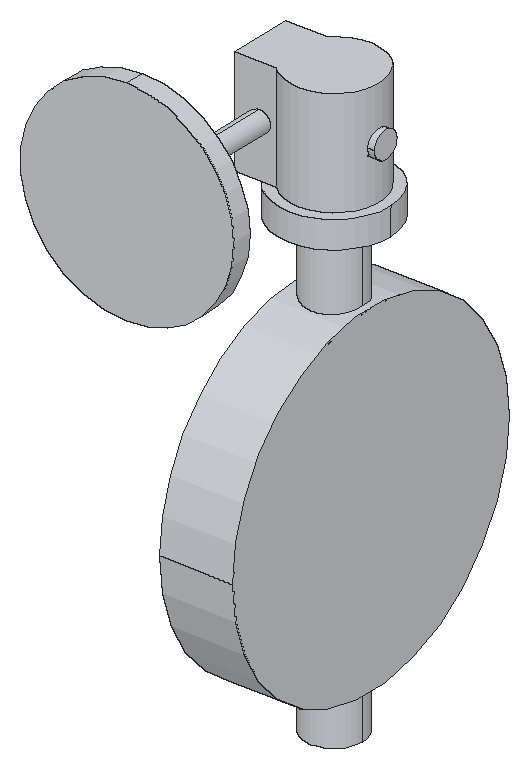
Revit family "HS497-67_disk-litina-převodové kolo DN400-RFA_2018", category Pipe Accessories, Revit 2018
Family settings
  Round Connector Dimension = Use Diameter
  Part Type = Valve - Breaks Into
  Work Plane-Based = No
  Always vertical = Yes
  Cut with Voids When Loaded = No
  Shared = No
Parameters (values of type "HS 497-67_DN400_PN10_převodové kolo")
  magiProductId = "cc64a4384dcb41b780d81810f4f293"
  magiProductFamilyId = "53cea81e6f374d17b8841d9c72ad77"
  magiPartTypeId = 305
  isMeasuringValve [instance] = no
  ang2D [instance] = 0.00°
  X11 = 109.255 mm
  X1 = 45.255 mm
  W2D = 1000 mm
  VersionID = "2.0/2017.9.26.1/ZETKAMA_497_001"
  Use Minimum Symbol Size [instance] = yes
  URL = "http://www.hydronic.cz"
  Type Comments = "mezipřírubová; litinový disk; PN10; -10~+110°C (krátkodobě +120°C)"
  SW30 = yes
  SW3 = yes
  SW21 = no
  SW20 = no
  SW2 = no
  SW1 = no
  R = 200 mm
  QmdConnectorList = "301;D;302;D"
  Productdata [instance] = ""
  NC = 72.5 mm
  Model = ""
  Manufacturer = "Hydronic Systems Prague s.r.o."
  MM20 = 45.255 mm
  MC Product Code = "125 400 (litinový disk, s převodovým kolem; DN400; PN10, kvs13799)"
  M41 = 103.5 mm
  M4 = 69 mm
  LHL = 220 mm
  LHH3 = 2.45 mm
  LHH1 = 46.55 mm
  LH1 = 73.333 mm
  L4R__ve = -L4R  # -27.8 mm
  L4R = 27.8 mm
  L42__ve = -L42  # -208.5 mm
  L42 = 208.5 mm
  L41__ve = -L41  # -41.7 mm
  L41 = 41.7 mm
  L2D_Min = 3048 mm
  L2D = 216 mm
  L2 = 51 mm
  L1 = 81.6 mm
  L = 102 mm
  H = 31 mm
  G22 = 11.25 mm
  G2 = 22.5 mm
  G1 = 90 mm
  G = 160 mm
  F = 27 mm
  E44 = 75 mm
  E42 = 150 mm
  E4 = 300 mm
  E23 = 4.9 mm
  E22 = 19.6 mm
  E21 = 9.8 mm
  Description = "Mezipřírubová uzavírací klapka s převodovým kolem; litinový disk, DN400; PN10; kvs13799"
  DR2 = 200 mm
  DR = 485 mm
  DD1 = 37.5 mm
  DD = 30 mm
  D = 400 mm
  CAT0 = yes
  B2__ve = -B2  # -108 mm
  B2 = 108 mm
  A2 = 38 mm
  A1 = 142 mm
Types (43, lengths in mm): name | magiProductId | X11 | X1 | Type Comments | SW30 | SW3 | SW20 | SW2 | SW1 | R | NC | MM20 | MC Product Code | M41 | M4 | LHL | LHH3 | LHH1 | LH1 | L4R__ve | L4R | L42__ve | L42 | L41__ve | L41 | L2 | L1 | L | H | G | F | E44 | E42 | E4 | E23 | E22 | E21 | Description | DR2 | DR | DD1 | DD | D | B2__ve | B2 | A2 | A1
  HS 497-67_DN100_PN16_volné vřeteno | "65d1b245f4f142c78569c0602d5754" | 61.456 | 25.456 | "mezipřírubová; litinový disk; PN16; -10~+110°C (krátkodobě +120°C)" | no | no | no | no | yes | 50 | 50 | 25.456 | "123 100 (litinový disk, s volným vřetenem; DN100; PN16, kvs512)" | 66 | 44 | 220 | 2.45 | 46.55 | 73.333 | -12.8 | 12.8 | -96 | 96 | -19.2 | 19.2 | 26 | 41.6 | 52 | 30 | 90 | 11 | 31.25 | 62.5 | 125 | 4.9 | 19.6 | 9.8 | "Mezipřírubová uzavírací klapka s volným vřetenem; litinový disk, DN100; PN16; kvs512" | 50 | 147 | 15.625 | 12.5 | 100 | -56 | 56 | 16.5 | 98.5
  HS 497-67_DN100_PN16_převodové kolo | "11e91b807e674d428c8e796fcdcfe2" | 61.456 | 25.456 | "mezipřírubová; litinový disk; PN16; -10~+110°C (krátkodobě +120°C)" | yes | yes | no | no | no | 50 | 50 | 25.456 | "125 100 (litinový disk, s převodovým kolem; DN100; PN16, kvs512)" | 65.25 | 43.5 | 220 | 2.45 | 46.55 | 73.333 | -12.8 | 12.8 | -96 | 96 | -19.2 | 19.2 | 26 | 41.6 | 52 | 30 | 90 | 11 | 31.25 | 62.5 | 125 | 4.9 | 19.6 | 9.8 | "Mezipřírubová uzavírací klapka s převodovým kolem; litinový disk, DN100; PN16; kvs512" | 50 | 147 | 15.625 | 12.5 | 100 | -56 | 56 | 16.5 | 98.5
  HS 497-67_DN100_PN16_s pákou | "28172f0b3f4b47b28323ac71cf8749" | 61.456 | 25.456 | "mezipřírubová; litinový disk; PN16; -10~+110°C (krátkodobě +120°C)" | no | no | yes | yes | no | 50 | 50 | 25.456 | "120 100 (litinový disk, s pákou; DN100; PN16, kvs512)" | 66 | 44 | 260 | 3 | 57 | 86.667 | -12.8 | 12.8 | -96 | 96 | -19.2 | 19.2 | 26 | 41.6 | 52 | 30 | 90 | 11 | 31.25 | 62.5 | 125 | 6 | 24 | 12 | "Mezipřírubová uzavírací klapka s pákou; litinový disk, DN100; PN16; kvs512" | 50 | 147 | 15.625 | 12.5 | 100 | -56 | 56 | 16.5 | 98.5
  HS 497-67_DN125_PN16_volné vřeteno | "0d813d910fc14f628bb3c2efbd185c" | 61.456 | 25.456 | "mezipřírubová; litinový disk; PN16; -10~+110°C (krátkodobě +120°C)" | no | no | no | no | yes | 62.5 | 50 | 25.456 | "123 125 (litinový disk, s volným vřetenem; DN125; PN16, kvs872)" | 66 | 44 | 220 | 2.45 | 46.55 | 73.333 | -12.8 | 12.8 | -96 | 96 | -19.2 | 19.2 | 28 | 44.8 | 56 | 33 | 90 | 14 | 31.25 | 62.5 | 125 | 4.9 | 19.6 | 9.8 | "Mezipřírubová uzavírací klapka s volným vřetenem; litinový disk, DN125; PN16; kvs872" | 62.5 | 180 | 15.625 | 12.5 | 125 | -64 | 64 | 18 | 99.5
  HS 497-67_DN125_PN16_převodové kolo | "c56b7c13f372467684996fb1e0e229" | 61.456 | 25.456 | "mezipřírubová; litinový disk; PN16; -10~+110°C (krátkodobě +120°C)" | yes | yes | no | no | no | 62.5 | 50 | 25.456 | "125 125 (litinový disk, s převodovým kolem; DN125; PN16, kvs872)" | 65.25 | 43.5 | 220 | 2.45 | 46.55 | 73.333 | -13.5 | 13.5 | -101.25 | 101.25 | -20.25 | 20.25 | 28 | 44.8 | 56 | 33 | 90 | 14 | 40 | 80 | 160 | 4.9 | 19.6 | 9.8 | "Mezipřírubová uzavírací klapka s převodovým kolem; litinový disk, DN125; PN16; kvs872" | 62.5 | 180 | 20 | 16 | 125 | -64 | 64 | 18 | 99.5
  HS 497-67_DN125_PN16_s pákou | "105993c79a91492399feef7931321a" | 61.456 | 25.456 | "mezipřírubová; litinový disk; PN16; -10~+110°C (krátkodobě +120°C)" | no | no | yes | yes | no | 62.5 | 50 | 25.456 | "120 125 (litinový disk, s pákou; DN125; PN16, kvs872)" | 66 | 44 | 315 | 3.75 | 71.25 | 105 | -12.8 | 12.8 | -96 | 96 | -19.2 | 19.2 | 28 | 44.8 | 56 | 33 | 90 | 14 | 31.25 | 62.5 | 125 | 7.5 | 30 | 15 | "Mezipřírubová uzavírací klapka s pákou; litinový disk, DN125; PN16; kvs872" | 62.5 | 180 | 15.625 | 12.5 | 125 | -64 | 64 | 18 | 99.5
  HS 497-67_DN150_PN16_volné vřeteno | "50c80cb8ab434f55ab7796e5ac1331" | 61.456 | 25.456 | "mezipřírubová; litinový disk; PN16; -10~+110°C (krátkodobě +120°C)" | no | no | no | no | yes | 75 | 50 | 25.456 | "123 150 (litinový disk, s volným vřetenem; DN150; PN16, kvs1347)" | 66 | 44 | 220 | 2.45 | 46.55 | 73.333 | -12.8 | 12.8 | -96 | 96 | -19.2 | 19.2 | 28 | 44.8 | 56 | 33 | 90 | 14 | 31.25 | 62.5 | 125 | 4.9 | 19.6 | 9.8 | "Mezipřírubová uzavírací klapka s volným vřetenem; litinový disk, DN150; PN16; kvs1347" | 75 | 206 | 15.625 | 12.5 | 150 | -58 | 58 | 19.3 | 98.7
  HS 497-67_DN150_PN16_převodové kolo | "d94a1a0cf83b476eb10011b327f709" | 61.456 | 25.456 | "mezipřírubová; litinový disk; PN16; -10~+110°C (krátkodobě +120°C)" | yes | yes | no | no | no | 75 | 50 | 25.456 | "125 150 (litinový disk, s převodovým kolem; DN150; PN16, kvs1347)" | 65.25 | 43.5 | 220 | 2.45 | 46.55 | 73.333 | -13.5 | 13.5 | -101.25 | 101.25 | -20.25 | 20.25 | 28 | 44.8 | 56 | 33 | 90 | 14 | 40 | 80 | 160 | 4.9 | 19.6 | 9.8 | "Mezipřírubová uzavírací klapka s převodovým kolem; litinový disk, DN150; PN16; kvs1347" | 75 | 206 | 20 | 16 | 150 | -58 | 58 | 19.3 | 98.7
  HS 497-67_DN150_PN16_s pákou | "4d2835523fe84828bc50ff0a5a0dfb" | 61.456 | 25.456 | "mezipřírubová; litinový disk; PN16; -10~+110°C (krátkodobě +120°C)" | no | no | yes | yes | no | 75 | 50 | 25.456 | "120 150 (litinový disk, s pákou; DN150; PN16, kvs1347)" | 66 | 44 | 315 | 3.75 | 71.25 | 105 | -12.8 | 12.8 | -96 | 96 | -19.2 | 19.2 | 28 | 44.8 | 56 | 33 | 90 | 14 | 31.25 | 62.5 | 125 | 7.5 | 30 | 15 | "Mezipřírubová uzavírací klapka s pákou; litinový disk, DN150; PN16; kvs1347" | 75 | 206 | 15.625 | 12.5 | 150 | -58 | 58 | 19.3 | 98.7
  HS 497-67_DN200_PN16_volné vřeteno | "5b29029eaeba47139ee1055a4b9201" | 61.456 | 25.456 | "mezipřírubová; litinový disk; PN16; -10~+110°C (krátkodobě +120°C)" | no | no | no | no | yes | 100 | 50 | 25.456 | "123 200 (litinový disk, s volným vřetenem; DN200; PN16, kvs2675)" | 66 | 44 | 220 | 2.45 | 46.55 | 73.333 | -12.8 | 12.8 | -96 | 96 | -19.2 | 19.2 | 30 | 48 | 60 | 33 | 90 | 17 | 31.25 | 62.5 | 125 | 4.9 | 19.6 | 9.8 | "Mezipřírubová uzavírací klapka s volným vřetenem; litinový disk, DN200; PN16; kvs2675" | 100 | 257 | 15.625 | 12.5 | 200 | -70 | 70 | 22.5 | 102.5
  HS 497-67_DN200_PN16_převodové kolo | "b2793cc1fcc44cf2a35062cd67c04f" | 61.456 | 25.456 | "mezipřírubová; litinový disk; PN16; -10~+110°C (krátkodobě +120°C)" | yes | yes | no | no | no | 100 | 57 | 25.456 | "125 200 (litinový disk, s převodovým kolem; DN200; PN16, kvs2675)" | 78.75 | 52.5 | 220 | 2.45 | 46.55 | 73.333 | -15.2 | 15.2 | -114 | 114 | -22.8 | 22.8 | 30 | 48 | 60 | 33 | 90 | 17 | 50 | 100 | 200 | 4.9 | 19.6 | 9.8 | "Mezipřírubová uzavírací klapka s převodovým kolem; litinový disk, DN200; PN16; kvs2675" | 100 | 257 | 25 | 20 | 200 | -70 | 70 | 22.5 | 102.5
  HS 497-67_DN200_PN16_s pákou | "f88d96c7af224537a51e72d7d8fffe" | 61.456 | 25.456 | "mezipřírubová; litinový disk; PN16; -10~+110°C (krátkodobě +120°C)" | no | no | yes | yes | no | 100 | 50 | 25.456 | "120 200 (litinový disk, s pákou; DN200; PN16, kvs2675)" | 66 | 44 | 315 | 3.75 | 71.25 | 105 | -12.8 | 12.8 | -96 | 96 | -19.2 | 19.2 | 30 | 48 | 60 | 33 | 90 | 17 | 31.25 | 62.5 | 125 | 7.5 | 30 | 15 | "Mezipřírubová uzavírací klapka s pákou; litinový disk, DN200; PN16; kvs2675" | 100 | 257 | 15.625 | 12.5 | 200 | -70 | 70 | 22.5 | 102.5
  HS 497-67_DN250_PN16_volné vřeteno | "b662e8305ca2402b9c510e66e6aa55" | 88.77 | 36.77 | "mezipřírubová; litinový disk; PN16; -10~+110°C (krátkodobě +120°C)" | no | no | no | no | yes | 125 | 50 | 36.77 | "123 250 (litinový disk, s volným vřetenem; DN250; PN16, kvs4555)" | 66 | 44 | 220 | 2.45 | 46.55 | 73.333 | -12.8 | 12.8 | -96 | 96 | -19.2 | 19.2 | 34 | 54.4 | 68 | 23 | 130 | 22 | 31.25 | 62.5 | 125 | 4.9 | 19.6 | 9.8 | "Mezipřírubová uzavírací klapka s volným vřetenem; litinový disk, DN250; PN16; kvs4555" | 125 | 324 | 15.625 | 12.5 | 250 | -85 | 85 | 28.25 | 129.25
  HS 497-67_DN250_PN16_převodové kolo | "5ee9016806664ddfaa2632711f295c" | 88.77 | 36.77 | "mezipřírubová; litinový disk; PN16; -10~+110°C (krátkodobě +120°C)" | yes | yes | no | no | no | 125 | 70 | 36.77 | "125 250 (litinový disk, s převodovým kolem; DN250; PN16, kvs4555)" | 91.5 | 61 | 220 | 2.45 | 46.55 | 73.333 | -22.2 | 22.2 | -166.5 | 166.5 | -33.3 | 33.3 | 34 | 54.4 | 68 | 23 | 130 | 22 | 62.5 | 125 | 250 | 4.9 | 19.6 | 9.8 | "Mezipřírubová uzavírací klapka s převodovým kolem; litinový disk, DN250; PN16; kvs4555" | 125 | 324 | 31.25 | 25 | 250 | -85 | 85 | 28.25 | 129.25
  HS 497-67_DN300_PN16_volné vřeteno | "e1886f51ff004380a649519258edf2" | 88.77 | 36.77 | "mezipřírubová; litinový disk; PN16; -10~+110°C (krátkodobě +120°C)" | no | no | no | no | yes | 150 | 50 | 36.77 | "123 300 (litinový disk, s volným vřetenem; DN300; PN16, kvs7037)" | 66 | 44 | 220 | 2.45 | 46.55 | 73.333 | -12.8 | 12.8 | -96 | 96 | -19.2 | 19.2 | 39 | 62.4 | 78 | 23 | 130 | 22 | 31.25 | 62.5 | 125 | 4.9 | 19.6 | 9.8 | "Mezipřírubová uzavírací klapka s volným vřetenem; litinový disk, DN300; PN16; kvs7037" | 150 | 376 | 15.625 | 12.5 | 300 | -90 | 90 | 30.8 | 127.2
  HS 497-67_DN300_PN16_převodové kolo | "6860f094f77d42088fbebc3c97f755" | 88.77 | 36.77 | "mezipřírubová; litinový disk; PN16; -10~+110°C (krátkodobě +120°C)" | yes | yes | no | no | no | 150 | 70 | 36.77 | "125 300 (litinový disk, s převodovým kolem; DN300; PN16, kvs7037)" | 91.5 | 61 | 220 | 2.45 | 46.55 | 73.333 | -22.2 | 22.2 | -166.5 | 166.5 | -33.3 | 33.3 | 39 | 62.4 | 78 | 23 | 130 | 22 | 62.5 | 125 | 250 | 4.9 | 19.6 | 9.8 | "Mezipřírubová uzavírací klapka s převodovým kolem; litinový disk, DN300; PN16; kvs7037" | 150 | 376 | 31.25 | 25 | 300 | -90 | 90 | 30.8 | 127.2
  HS 497-67_DN032_PN16_volné vřeteno | "8c5f65de52aa4067a77564107e31b2" | 61.456 | 25.456 | "mezipřírubová; litinový disk; PN16; -10~+110°C (krátkodobě +120°C)" | no | no | no | no | yes | 16 | 50 | 25.456 | "123 032 (litinový disk, s volným vřetenem; DN32; PN16, kvs78)" | 66 | 44 | 220 | 2.45 | 46.55 | 73.333 | -12.8 | 12.8 | -96 | 96 | -19.2 | 19.2 | 16.5 | 26.4 | 33 | 30 | 90 | 11 | 31.25 | 62.5 | 125 | 4.9 | 19.6 | 9.8 | "Mezipřírubová uzavírací klapka s volným vřetenem; litinový disk, DN32; PN16; kvs78" | 16 | 68 | 15.625 | 12.5 | 32 | -44.2 | 44.2 | 10.25 | 76.25
  HS 497-67_DN032_PN16_převodové kolo | "60aaeffa8b3a4e809ef000e4660060" | 61.456 | 25.456 | "mezipřírubová; litinový disk; PN16; -10~+110°C (krátkodobě +120°C)" | yes | yes | no | no | no | 16 | 50 | 25.456 | "125 032 (litinový disk, s převodovým kolem; DN32; PN16, kvs78)" | 65.25 | 43.5 | 220 | 2.45 | 46.55 | 73.333 | -12.8 | 12.8 | -96 | 96 | -19.2 | 19.2 | 16.5 | 26.4 | 33 | 30 | 90 | 11 | 31.25 | 62.5 | 125 | 4.9 | 19.6 | 9.8 | "Mezipřírubová uzavírací klapka s převodovým kolem; litinový disk, DN32; PN16; kvs78" | 16 | 68 | 15.625 | 12.5 | 32 | -44.2 | 44.2 | 10.25 | 76.25
  HS 497-67_DN032_PN16_s pákou | "9ad8088d610749a1b871aa2aad8007" | 61.456 | 25.456 | "mezipřírubová; litinový disk; PN16; -10~+110°C (krátkodobě +120°C)" | no | no | yes | yes | no | 16 | 50 | 25.456 | "120 032 (litinový disk, s pákou; DN32; PN16, kvs78)" | 66 | 44 | 220 | 2.45 | 46.55 | 73.333 | -12.8 | 12.8 | -96 | 96 | -19.2 | 19.2 | 16.5 | 26.4 | 33 | 30 | 90 | 11 | 31.25 | 62.5 | 125 | 4.9 | 19.6 | 9.8 | "Mezipřírubová uzavírací klapka s pákou; litinový disk, DN32; PN16; kvs78" | 16 | 68 | 15.625 | 12.5 | 32 | -44.2 | 44.2 | 10.25 | 76.25
  HS 497-67_DN350_PN10_volné vřeteno | "72a1e05f22944421b7e9596a877137" | 109.255 | 45.255 | "mezipřírubová; litinový disk; PN10; -10~+110°C (krátkodobě +120°C)" | no | no | no | no | yes | 175 | 50 | 45.255 | "123 350 (litinový disk, s volným vřetenem; DN350; PN10, kvs10165)" | 66 | 44 | 220 | 2.45 | 46.55 | 73.333 | -12.8 | 12.8 | -96 | 96 | -19.2 | 19.2 | 39 | 62.4 | 78 | 31 | 160 | 22 | 31.25 | 62.5 | 125 | 4.9 | 19.6 | 9.8 | "Mezipřírubová uzavírací klapka s volným vřetenem; litinový disk, DN350; PN10; kvs10165" | 175 | 430 | 15.625 | 12.5 | 350 | -88 | 88 | 33.85 | 129.65
  HS 497-67_DN350_PN10_převodové kolo | "a5a01426cb28494ba3afca92f1dace" | 109.255 | 45.255 | "mezipřírubová; litinový disk; PN10; -10~+110°C (krátkodobě +120°C)" | yes | yes | no | no | no | 175 | 70 | 45.255 | "125 350 (litinový disk, s převodovým kolem; DN350; PN10, kvs10165)" | 91.5 | 61 | 220 | 2.45 | 46.55 | 73.333 | -22.2 | 22.2 | -166.5 | 166.5 | -33.3 | 33.3 | 39 | 62.4 | 78 | 31 | 160 | 22 | 62.5 | 125 | 250 | 4.9 | 19.6 | 9.8 | "Mezipřírubová uzavírací klapka s převodovým kolem; litinový disk, DN350; PN10; kvs10165" | 175 | 430 | 31.25 | 25 | 350 | -88 | 88 | 33.85 | 129.65
  HS 497-67_DN400_PN10_volné vřeteno | "c70ebeb927c04ab99b176e257ad0a7" | 109.255 | 45.255 | "mezipřírubová; litinový disk; PN10; -10~+110°C (krátkodobě +120°C)" | no | no | no | no | yes | 200 | 50 | 45.255 | "123 400 (litinový disk, s volným vřetenem; DN400; PN10, kvs13799)" | 66 | 44 | 220 | 2.45 | 46.55 | 73.333 | -12.8 | 12.8 | -96 | 96 | -19.2 | 19.2 | 51 | 81.6 | 102 | 31 | 160 | 27 | 31.25 | 62.5 | 125 | 4.9 | 19.6 | 9.8 | "Mezipřírubová uzavírací klapka s volným vřetenem; litinový disk, DN400; PN10; kvs13799" | 200 | 485 | 15.625 | 12.5 | 400 | -108 | 108 | 38 | 142
  HS 497-67_DN400_PN10_převodové kolo | "cc64a4384dcb41b780d81810f4f293" | 109.255 | 45.255 | "mezipřírubová; litinový disk; PN10; -10~+110°C (krátkodobě +120°C)" | yes | yes | no | no | no | 200 | 72.5 | 45.255 | "125 400 (litinový disk, s převodovým kolem; DN400; PN10, kvs13799)" | 103.5 | 69 | 220 | 2.45 | 46.55 | 73.333 | -27.8 | 27.8 | -208.5 | 208.5 | -41.7 | 41.7 | 51 | 81.6 | 102 | 31 | 160 | 27 | 75 | 150 | 300 | 4.9 | 19.6 | 9.8 | "Mezipřírubová uzavírací klapka s převodovým kolem; litinový disk, DN400; PN10; kvs13799" | 200 | 485 | 37.5 | 30 | 400 | -108 | 108 | 38 | 142
  HS 497-67_DN040_PN16_volné vřeteno | "35f92312390745e88df5b5c325d9ee" | 61.456 | 25.456 | "mezipřírubová; litinový disk; PN16; -10~+110°C (krátkodobě +120°C)" | no | no | no | no | yes | 20 | 50 | 25.456 | "123 040 (litinový disk, s volným vřetenem; DN40; PN16, kvs78)" | 66 | 44 | 220 | 2.45 | 46.55 | 73.333 | -12.8 | 12.8 | -96 | 96 | -19.2 | 19.2 | 16.5 | 26.4 | 33 | 30 | 90 | 11 | 31.25 | 62.5 | 125 | 4.9 | 19.6 | 9.8 | "Mezipřírubová uzavírací klapka s volným vřetenem; litinový disk, DN40; PN16; kvs78" | 20 | 76 | 15.625 | 12.5 | 40 | -36 | 36 | 11 | 79
  HS 497-67_DN040_PN16_převodové kolo | "d88e968eae3445bc9b7b4e6ff35127" | 61.456 | 25.456 | "mezipřírubová; litinový disk; PN16; -10~+110°C (krátkodobě +120°C)" | yes | yes | no | no | no | 20 | 50 | 25.456 | "125 040 (litinový disk, s převodovým kolem; DN40; PN16, kvs78)" | 65.25 | 43.5 | 220 | 2.45 | 46.55 | 73.333 | -12.8 | 12.8 | -96 | 96 | -19.2 | 19.2 | 16.5 | 26.4 | 33 | 30 | 90 | 11 | 31.25 | 62.5 | 125 | 4.9 | 19.6 | 9.8 | "Mezipřírubová uzavírací klapka s převodovým kolem; litinový disk, DN40; PN16; kvs78" | 20 | 76 | 15.625 | 12.5 | 40 | -36 | 36 | 11 | 79
  HS 497-67_DN040_PN16_s pákou | "c1b522ca65b4407a98818f232eaacb" | 61.456 | 25.456 | "mezipřírubová; litinový disk; PN16; -10~+110°C (krátkodobě +120°C)" | no | no | yes | yes | no | 20 | 50 | 25.456 | "120 040 (litinový disk, s pákou; DN40; PN16, kvs78)" | 66 | 44 | 220 | 2.45 | 46.55 | 73.333 | -12.8 | 12.8 | -96 | 96 | -19.2 | 19.2 | 16.5 | 26.4 | 33 | 30 | 90 | 11 | 31.25 | 62.5 | 125 | 4.9 | 19.6 | 9.8 | "Mezipřírubová uzavírací klapka s pákou; litinový disk, DN40; PN16; kvs78" | 20 | 76 | 15.625 | 12.5 | 40 | -36 | 36 | 11 | 79
  HS 497-67_DN450_PN10_volné vřeteno | "a8358bc282f14872b3194e530e590a" | 129.74 | 53.74 | "mezipřírubová; litinový disk; PN10; -10~+110°C (krátkodobě +120°C)" | no | no | no | no | yes | 225 | 50 | 53.74 | "123 450 (litinový disk, s volným vřetenem; DN450; PN10, kvs18514)" | 66 | 44 | 220 | 2.45 | 46.55 | 73.333 | -12.8 | 12.8 | -96 | 96 | -19.2 | 19.2 | 57 | 91.2 | 114 | 38 | 190 | 36 | 31.25 | 62.5 | 125 | 4.9 | 19.6 | 9.8 | "Mezipřírubová uzavírací klapka s volným vřetenem; litinový disk, DN450; PN10; kvs18514" | 225 | 536 | 15.625 | 12.5 | 450 | -115 | 115 | 38.05 | 117.45
  HS 497-67_DN450_PN10_převodové kolo | "cdf2d80f54a9414f9cbe50647c0ebd" | 129.74 | 53.74 | "mezipřírubová; litinový disk; PN10; -10~+110°C (krátkodobě +120°C)" | yes | yes | no | no | no | 225 | 91.5 | 53.74 | "125 450 (litinový disk, s převodovým kolem; DN450; PN10, kvs18514)" | 144.75 | 96.5 | 220 | 2.45 | 46.55 | 73.333 | -32.1 | 32.1 | -240.75 | 240.75 | -48.15 | 48.15 | 57 | 91.2 | 114 | 38 | 190 | 36 | 100 | 200 | 400 | 4.9 | 19.6 | 9.8 | "Mezipřírubová uzavírací klapka s převodovým kolem; litinový disk, DN450; PN10; kvs18514" | 225 | 536 | 50 | 40 | 450 | -115 | 115 | 38.05 | 117.45
  HS 497-67_DN500_PN10_volné vřeteno | "8c396e27bb2743f98f3c762b6517cd" | 143.397 | 59.397 | "mezipřírubová; litinový disk; PN10; -10~+110°C (krátkodobě +120°C)" | no | no | no | no | yes | 250 | 50 | 59.397 | "123 500 (litinový disk, s volným vřetenem; DN500; PN10, kvs23805)" | 66 | 44 | 220 | 2.45 | 46.55 | 73.333 | -12.8 | 12.8 | -96 | 96 | -19.2 | 19.2 | 63.5 | 101.6 | 127 | 38 | 210 | 36 | 31.25 | 62.5 | 125 | 4.9 | 19.6 | 9.8 | "Mezipřírubová uzavírací klapka s volným vřetenem; litinový disk, DN500; PN10; kvs23805" | 250 | 593 | 15.625 | 12.5 | 500 | -130 | 130 | 43.25 | 139.25
  HS 497-67_DN500_PN10_převodové kolo | "7647804f32e94cef828a7034a91a46" | 143.397 | 59.397 | "mezipřírubová; litinový disk; PN10; -10~+110°C (krátkodobě +120°C)" | yes | yes | no | no | no | 250 | 91.5 | 59.397 | "125 500 (litinový disk, s převodovým kolem; DN500; PN10, kvs23805)" | 144.75 | 96.5 | 220 | 2.45 | 46.55 | 73.333 | -32.1 | 32.1 | -240.75 | 240.75 | -48.15 | 48.15 | 63.5 | 101.6 | 127 | 38 | 210 | 36 | 100 | 200 | 400 | 4.9 | 19.6 | 9.8 | "Mezipřírubová uzavírací klapka s převodovým kolem; litinový disk, DN500; PN10; kvs23805" | 250 | 593 | 50 | 40 | 500 | -130 | 130 | 43.25 | 139.25
  HS 497-67_DN050_volné vřeteno | "d71f296ecd6d4adf8f6e5d9853b4e0" | 61.456 | 25.456 | "mezipřírubová; litinový disk; PN16; -10~+110°C (krátkodobě +120°C)" | no | no | no | no | yes | 25 | 50 | 25.456 | "123 050 (litinový disk, s volným vřetenem; DN50; PN16, kvs98)" | 66 | 44 | 220 | 2.45 | 46.55 | 73.333 | -12.8 | 12.8 | -96 | 96 | -19.2 | 19.2 | 21.5 | 34.4 | 43 | 30 | 90 | 11 | 31.25 | 62.5 | 125 | 4.9 | 19.6 | 9.8 | "Mezipřírubová uzavírací klapka s volným vřetenem; litinový disk, DN50; PN16; kvs98" | 25 | 100 | 15.625 | 12.5 | 50 | -36.5 | 36.5 | 12 | 83
  HS 497-67_DN050_PN16_převodové kolo | "2fb080deeaed49c58418b94c1da5a4" | 61.456 | 25.456 | "mezipřírubová; litinový disk; PN16; -10~+110°C (krátkodobě +120°C)" | yes | yes | no | no | no | 25 | 50 | 25.456 | "125 050 (litinový disk, s převodovým kolem; DN50; PN16, kvs98)" | 65.25 | 43.5 | 220 | 2.45 | 46.55 | 73.333 | -12.8 | 12.8 | -96 | 96 | -19.2 | 19.2 | 21.5 | 34.4 | 43 | 30 | 90 | 11 | 31.25 | 62.5 | 125 | 4.9 | 19.6 | 9.8 | "Mezipřírubová uzavírací klapka s převodovým kolem; litinový disk, DN50; PN16; kvs98" | 25 | 100 | 15.625 | 12.5 | 50 | -36.5 | 36.5 | 12 | 83
  HS 497-67_DN050_PN16_s pákou | "dabc632061f94877a994b9b4e68112" | 61.456 | 25.456 | "mezipřírubová; litinový disk; PN16; -10~+110°C (krátkodobě +120°C)" | no | no | yes | yes | no | 25 | 50 | 25.456 | "120 050 (litinový disk, s pákou; DN50; PN16, kvs98)" | 66 | 44 | 220 | 2.45 | 46.55 | 73.333 | -12.8 | 12.8 | -96 | 96 | -19.2 | 19.2 | 21.5 | 34.4 | 43 | 30 | 90 | 11 | 31.25 | 62.5 | 125 | 4.9 | 19.6 | 9.8 | "Mezipřírubová uzavírací klapka s pákou; litinový disk, DN50; PN16; kvs98" | 25 | 100 | 15.625 | 12.5 | 50 | -36.5 | 36.5 | 12 | 83
  HS 497-67_DN600_PN10_volné vřeteno | "99d5892c14664fce81a7c5903f7711" | 143.397 | 59.397 | "mezipřírubová; litinový disk; PN10; -10~+110°C (krátkodobě +120°C)" | no | no | no | no | yes | 300 | 50 | 59.397 | "123 600 (litinový disk, s volným vřetenem; DN600; PN10, kvs36778)" | 66 | 44 | 220 | 2.45 | 46.55 | 73.333 | -12.8 | 12.8 | -96 | 96 | -19.2 | 19.2 | 77 | 123.2 | 154 | 80 | 210 | 60 | 31.25 | 62.5 | 125 | 4.9 | 19.6 | 9.8 | "Mezipřírubová uzavírací klapka s volným vřetenem; litinový disk, DN600; PN10; kvs36788" | 300 | 690 | 15.625 | 12.5 | 600 | -140 | 140 | 49.4 | 144.6
  HS 497-67_DN600_PN10_převodové kolo | "b1e26faab48a4c499f6bb11e7e3002" | 143.397 | 59.397 | "mezipřírubová; litinový disk; PN10; -10~+110°C (krátkodobě +120°C)" | yes | yes | no | no | no | 300 | 140 | 59.397 | "125 600 (litinový disk, s převodovým kolem; DN600; PN10, kvs36778)" | 206.25 | 137.5 | 220 | 2.45 | 46.55 | 73.333 | -40.8 | 40.8 | -306 | 306 | -61.2 | 61.2 | 77 | 123.2 | 154 | 80 | 210 | 60 | 125 | 250 | 500 | 4.9 | 19.6 | 9.8 | "Mezipřírubová uzavírací klapka s převodovým kolem; litinový disk, DN600; PN10; kvs36788" | 300 | 690 | 62.5 | 50 | 600 | -140 | 140 | 49.4 | 144.6
  HS 497-67_DN065_PN16_volné vřeteno | "5e5e208646e34ec29f889baab5d08e" | 61.456 | 25.456 | "mezipřírubová; litinový disk; PN16; -10~+110°C (krátkodobě +120°C)" | no | no | no | no | yes | 32.5 | 50 | 25.456 | "123 065 (litinový disk, s volným vřetenem; DN65; PN16, kvs167)" | 66 | 44 | 220 | 2.45 | 46.55 | 73.333 | -12.8 | 12.8 | -96 | 96 | -19.2 | 19.2 | 23 | 36.8 | 46 | 30 | 90 | 11 | 31.25 | 62.5 | 125 | 4.9 | 19.6 | 9.8 | "Mezipřírubová uzavírací klapka s volným vřetenem; litinový disk, DN65; PN16; kv167" | 32.5 | 108 | 15.625 | 12.5 | 65 | -36.5 | 36.5 | 13.5 | 89
  HS 497-67_DN065_PN16_převodové kolo | "654d74c8d15540b0bfe523d988ccb3" | 61.456 | 25.456 | "mezipřírubová; litinový disk; PN16; -10~+110°C (krátkodobě +120°C)" | yes | yes | no | no | no | 32.5 | 50 | 25.456 | "125 065 (litinový disk, s převodovým kolem; DN65; PN16, kvs167)" | 65.25 | 43.5 | 220 | 2.45 | 46.55 | 73.333 | -12.8 | 12.8 | -96 | 96 | -19.2 | 19.2 | 23 | 36.8 | 46 | 30 | 90 | 11 | 31.25 | 62.5 | 125 | 4.9 | 19.6 | 9.8 | "Mezipřírubová uzavírací klapka s převodovým kolem; litinový disk, DN65; PN16; kvs167" | 32.5 | 108 | 15.625 | 12.5 | 65 | -36.5 | 36.5 | 13.5 | 89
  HS 497-67_DN065_PN16_s pákou | "ebeb4b59db0641caaf6d6635ab37b9" | 61.456 | 25.456 | "mezipřírubová; litinový disk; PN16; -10~+110°C (krátkodobě +120°C)" | no | no | yes | yes | no | 32.5 | 50 | 25.456 | "120 065 (litinový disk, s pákou; DN65; PN16, kvs167)" | 66 | 44 | 220 | 2.45 | 46.55 | 73.333 | -12.8 | 12.8 | -96 | 96 | -19.2 | 19.2 | 23 | 36.8 | 46 | 30 | 90 | 11 | 31.25 | 62.5 | 125 | 4.9 | 19.6 | 9.8 | "Mezipřírubová uzavírací klapka s pákou; litinový disk, DN65; PN16; kvs167" | 32.5 | 108 | 15.625 | 12.5 | 65 | -36.5 | 36.5 | 13.5 | 89
  HS 497-67_DN080_PN16_volné vřeteno | "9e85c75c18654e1185a9c48ed6b00e" | 61.456 | 25.456 | "mezipřírubová; litinový disk; PN16; -10~+110°C (krátkodobě +120°C)" | no | no | no | no | yes | 40 | 50 | 25.456 | "123 080 (litinový disk, s volným vřetenem; DN80; PN16, kvs258)" | 66 | 44 | 220 | 2.45 | 46.55 | 73.333 | -12.8 | 12.8 | -96 | 96 | -19.2 | 19.2 | 23 | 36.8 | 46 | 30 | 90 | 11 | 31.25 | 62.5 | 125 | 4.9 | 19.6 | 9.8 | "Mezipřírubová uzavírací klapka s volným vřetenem; litinový disk, DN80; PN16; kvs258" | 40 | 124 | 15.625 | 12.5 | 80 | -54 | 54 | 14.1 | 86.9
  HS 497-67_DN080_PN16_převodové kolo | "5b3c8238c3d041e68c75b199e7ea46" | 61.456 | 25.456 | "mezipřírubová; litinový disk; PN16; -10~+110°C (krátkodobě +120°C)" | yes | yes | no | no | no | 40 | 50 | 25.456 | "125 080 (litinový disk, s převodovým kolem; DN80; PN16, kvs258)" | 65.25 | 43.5 | 220 | 2.45 | 46.55 | 73.333 | -12.8 | 12.8 | -96 | 96 | -19.2 | 19.2 | 23 | 36.8 | 46 | 30 | 90 | 11 | 31.25 | 62.5 | 125 | 4.9 | 19.6 | 9.8 | "Mezipřírubová uzavírací klapka s převodovým kolem; litinový disk, DN80; PN16; kvs258" | 40 | 124 | 15.625 | 12.5 | 80 | -54 | 54 | 14.1 | 86.9
  HS 497-67_DN080_PN16_s pákou | "e414795fab0f4eccb99bc3572c5477" | 61.456 | 25.456 | "mezipřírubová; litinový disk; PN16; -10~+110°C (krátkodobě +120°C)" | no | no | yes | yes | no | 40 | 50 | 25.456 | "120 080 (litinový disk, s pákou; DN80; PN16, kvs258)" | 66 | 44 | 260 | 3 | 57 | 86.667 | -12.8 | 12.8 | -96 | 96 | -19.2 | 19.2 | 23 | 36.8 | 46 | 30 | 90 | 11 | 31.25 | 62.5 | 125 | 6 | 24 | 12 | "Mezipřírubová uzavírací klapka s pákou; litinový disk, DN80; PN16; kvs258" | 40 | 124 | 15.625 | 12.5 | 80 | -54 | 54 | 14.1 | 86.9
  HS 497-67_DN250_PN16_s pákou | "" | 88.77 | 36.77 | "mezipřírubová; litinový disk; PN16; -10~+110°C (krátkodobě +120°C)" | no | no | yes | yes | no | 125 | 70 | 36.77 | "120 250 (litinový disk, s pákou; DN250; PN16, kvs4555)" | 91.5 | 61 | 220 | 2.45 | 46.55 | 73.333 | -22.2 | 22.2 | -166.5 | 166.5 | -33.3 | 33.3 | 34 | 54.4 | 68 | 23 | 130 | 22 | 62.5 | 125 | 250 | 4.9 | 19.6 | 9.8 | "Mezipřírubová uzavírací klapka s pákou; litinový disk, DN250; PN16; kvs4555" | 125 | 324 | 31.25 | 25 | 250 | -85 | 85 | 28.25 | 129.25
  HS 497-67_DN300_PN16_s pákou | "" | 88.77 | 36.77 | "mezipřírubová; litinový disk; PN16; -10~+110°C (krátkodobě +120°C)" | no | no | yes | yes | no | 150 | 70 | 36.77 | "120 300 (litinový disk, s pákou; DN300; PN16, kvs7037)" | 91.5 | 61 | 220 | 2.45 | 46.55 | 73.333 | -22.2 | 22.2 | -166.5 | 166.5 | -33.3 | 33.3 | 39 | 62.4 | 78 | 23 | 130 | 22 | 62.5 | 125 | 250 | 4.9 | 19.6 | 9.8 | "Mezipřírubová uzavírací klapka s pákou; litinový disk, DN300; PN16; kvs7037" | 150 | 376 | 31.25 | 25 | 300 | -90 | 90 | 30.8 | 127.2
Reference planes
  plane 1 "Center (Front/Back)": y = 0
  plane 2 "XYPLANE": z = 0
  plane 3 "Center (Left/Right)": x = 0
  plane 4 "473": x = -45.255
  plane 5 "472": x = -103.5
  plane 6 "471": y = -45.255
  plane 7 "470": y = 45.255
  plane 8 "469": x = -69
  plane 9 "468": y = -250.2
  plane 10 "467": y = -208.5
  plane 11 "466": z = 455
  plane 12 "465": z = 426.55
  plane 13 "464": y = 145.417
  plane 14 "463": z = 416.75
  plane 15 "462": z = 399.6
  plane 16 "461": z = 409.4
  plane 17 "460": y = 72.083
  plane 18 "459": x = -11.25
  plane 19 "458": x = 11.25
  plane 20 "457": y = -6.25
  plane 21 "456": x = -17.5
  plane 22 "455": x = 17.5
  plane 23 "454": z = 414.3
  plane 24 "453": y = 62.083
  plane 25 "452": y = -11.25
  plane 26 "451": x = -22.5
  plane 27 "450": x = 22.5
  plane 28 "449": z = 394.7
  plane 29 "448": z = 389.8
  plane 30 "447": z = -200
  plane 31 "446": z = 380
  plane 32 "445": z = 342
  plane 33 "444": z = 200
  plane 34 "443": x = 51
  plane 35 "442": x = -51
  plane 36 "441": z = 0
  plane 37 "440": y = 0
  plane 38 "439": x = 0
  plane 39 "438": z = 429
  plane 40 "437": z = 414.3
  plane 41 "436": x = 13.7
  plane 42 "435": x = -13.7
  plane 43 "434": y = 220
Forms (mm)
  Extrusion 1, solid, visible <- "SW3"
    sketch origin (-750, 0, 380) x (1, 0, 0) y (0, 1, 0)
      loop
        line (646.5, 45.255) -> (646.5, -45.255) -> (704.745, -45.255)
        arc (704.745, -45.255) -> (814, 0) -> (704.745, 45.255) r 64
        line (704.745, 45.255) -> (646.5, 45.255)
    from 0 to 150 <- "E42"
  Extrusion 2, solid, visible <- "SW30"
    sketch origin (0, -750, 0) x (0, 1, 0) y (0, 0, 1)
      loop
        circle (750, 455) r 18.75
    from 0 to 72.5 <- "NC"
  Extrusion 3, solid, visible <- "SW30"
    sketch origin (750, -250.2, 0) x (-1, 0, 0) y (0, 0, 1)
      loop
        circle (819, 455) r 150
    from 0 to -27.8 <- "L4R__ve"
  Extrusion 4, solid, visible <- "SW3"
    sketch origin (750, -208.5, 0) x (-1, 0, 0) y (0, 0, 1)
      loop
        circle (819, 455) r 18.75
    from 0 to -41.7 <- "L41__ve"
  Extrusion 5, solid, visible <- "SW30"
    sketch origin (750, 0, 0) x (-1, 0, 0) y (0, 0, 1)
      loop
        circle (819, 455) r 15
    from 0 to -208.5 <- "L42__ve"
  Blend 6, solid, visible <- "SW21"
    base sketch origin (750, 72.083, 0) x (-1, 0, 0) y (0, 0, 1)
      loop
        line (761.25, 409.4) -> (738.75, 409.4) -> (738.75, 399.6) -> (761.25, 399.6) -> (761.25, 409.4)
    top sketch origin (750, 72.083, 0) x (-1, 0, 0) y (0, 0, 1)
      loop
        line (761.25, 426.55) -> (738.75, 426.55) -> (738.75, 416.75) -> (761.25, 416.75) -> (761.25, 426.55)
    from 0 to 73.333
  Blend 7, solid, visible <- "SW21"
    base sketch origin (750, 62.083, 0) x (-1, 0, 0) y (0, 0, 1)
      loop
        line (761.25, 414.3) -> (738.75, 414.3) -> (738.75, 394.7) -> (761.25, 394.7) -> (761.25, 414.3)
    top sketch origin (750, 62.083, 0) x (-1, 0, 0) y (0, 0, 1)
      loop
        line (761.25, 409.4) -> (738.75, 409.4) -> (738.75, 399.6) -> (761.25, 399.6) -> (761.25, 409.4)
    from 0 to 10
  Blend 8, solid, visible <- "SW21"
    base sketch origin (-750, 0, 394.7) x (1, 0, 0) y (0, 1, 0)
      loop
        line (772.5, 62.083) -> (727.5, 62.083) -> (727.5, -11.25)
        arc (727.5, -11.25) -> (750, -31.25) -> (772.5, -11.25) r 22.656
        line (772.5, -11.25) -> (772.5, 62.083)
    top sketch origin (-750, 0, 394.7) x (1, 0, 0) y (0, 1, 0)
      loop
        line (767.5, 62.083) -> (732.5, 62.083) -> (732.5, -6.25)
        arc (732.5, -6.25) -> (750, -26.25) -> (767.5, -6.25) r 17.656
        line (767.5, -6.25) -> (767.5, 62.083)
    from 0 to 19.6
  Extrusion 9, solid, visible <- "SW2"
    sketch origin (-750, 0, 389.8) x (1, 0, 0) y (0, 1, 0)
      loop
        circle (750, 0) r 11.25
    from 0 to 4.9 <- "E23"
  Extrusion 10, solid, visible <- "SW2"
    sketch origin (-750, 0, 380) x (1, 0, 0) y (0, 1, 0)
      loop
        circle (750, 0) r 45
    from 0 to 9.8 <- "E21"
  Extrusion 11, solid, visible <- "CAT0"
    sketch origin (-750, 0, -200) x (1, 0, 0) y (0, 1, 0)
      loop
        circle (750, 0) r 40.8
    from 0 to -108 <- "B2__ve"
  Extrusion 12, solid, visible <- "CAT0"
    sketch origin (-750, 0, 342) x (1, 0, 0) y (0, 1, 0)
      loop
        circle (750, 0) r 80
    from 0 to 38 <- "A2"
  Extrusion 13, solid, visible <- "CAT0"
    sketch origin (-750, 0, 200) x (1, 0, 0) y (0, 1, 0)
      loop
        circle (750, 0) r 40.8
    from 0 to 142 <- "A1"
  Extrusion 14, solid, visible <- "CAT0"
    sketch origin (-51, -750, 0) x (0, 1, 0) y (0, 0, 1)
      loop
        circle (750, 0) r 242.5
    from 0 to 102 <- "L"
  Extrusion 15, solid, visible <- "SW1"
    sketch origin (-750, 0, 380) x (1, 0, 0) y (0, 1, 0)
      loop
        line (763.5, 13.5) -> (736.5, 13.5) -> (736.5, -13.5) -> (763.5, -13.5) -> (763.5, 13.5)
    from 0 to 31 <- "H"
  Blend 16, solid, visible <- "SW2"
    base sketch origin (750, 145.417, 0) x (-1, 0, 0) y (0, 0, 1)
      loop
        arc (763.7, 424) -> (762.236, 427.536) -> (758.7, 429) r 5
        line (758.7, 429) -> (741.3, 429)
        arc (741.3, 429) -> (737.764, 427.536) -> (736.3, 424) r 5
        line (736.3, 424) -> (736.3, 419.3)
        arc (736.3, 419.3) -> (737.764, 415.764) -> (741.3, 414.3) r 5
        line (741.3, 414.3) -> (758.7, 414.3)
        arc (758.7, 414.3) -> (762.236, 415.764) -> (763.7, 419.3) r 5
        line (763.7, 419.3) -> (763.7, 424)
    top sketch origin (750, 145.417, 0) x (-1, 0, 0) y (0, 0, 1)
      loop
        arc (763.7, 424) -> (762.236, 427.536) -> (758.7, 429) r 5
        line (758.7, 429) -> (741.3, 429)
        arc (741.3, 429) -> (737.764, 427.536) -> (736.3, 424) r 5
        line (736.3, 424) -> (736.3, 419.3)
        arc (736.3, 419.3) -> (737.764, 415.764) -> (741.3, 414.3) r 5
        line (741.3, 414.3) -> (758.7, 414.3)
        arc (758.7, 414.3) -> (762.236, 415.764) -> (763.7, 419.3) r 5
        line (763.7, 419.3) -> (763.7, 424)
    from 0 to 74.583
  Blend 17, solid, visible <- "SW20"
    base sketch origin (750, 145.417, 0) x (-1, 0, 0) y (0, 0, 1)
      loop
        line (763.7, 429) -> (736.3, 429) -> (736.3, 414.3) -> (763.7, 414.3) -> (763.7, 429)
    top sketch origin (750, 145.417, 0) x (-1, 0, 0) y (0, 0, 1)
      loop
        line (761.25, 414.3) -> (738.75, 414.3) -> (738.75, 394.7) -> (761.25, 394.7) -> (761.25, 414.3)
    from 0 to -83.333
  Extrusion 18, solid, visible <- "SW20"
    sketch origin (-750, 0, 394.7) x (1, 0, 0) y (0, 1, 0)
      loop
        line (772.5, 62.083) -> (727.5, 62.083) -> (727.5, -11.25)
        arc (727.5, -11.25) -> (750, -31.25) -> (772.5, -11.25) r 22.656
        line (772.5, -11.25) -> (772.5, 62.083)
    from 0 to 19.6 <- "E22"
  Extrusion 19, solid, not visible
    sketch origin (-51, -750, 0) x (0, 1, 0) y (0, 0, 1)
      loop
        circle (750, 0) r 10
    from 0 to 10
  Extrusion 20, solid, not visible
    sketch origin (51, -750, 0) x (0, 1, 0) y (0, 0, 1)
      loop
        circle (750, 0) r 10
    from 0 to -10
Lines and regions (mm)
  reference lines, not visible
    curve 1: circle (2, 2, 0) r 1 normal (0, 0, 1)
  reference lines
    curve 2: line (-45.255, -45.255, 380) -> (-45.255, 45.255, 380)
    curve 3: line (-17.5, -6.25, 394.7) -> (17.5, -6.25, 394.7)
    curve 4: line (-22.5, -11.25, 394.7) -> (22.5, -11.25, 394.7)
    curve 5: circle (0, 0, 380) r 1 normal (0, 0, 1)
    curve 6: line (-22.5, -11.25, 394.7) -> (22.5, -11.25, 394.7)
Dimensions and locks
  plane 1 "Center (Front/Back)" to curve 1 = 2 mm
  "X1": plane 3 "Center (Left/Right)" to plane 4 "473"
  "M41": plane 3 "Center (Left/Right)" to plane 5 "472"
  "MM20": plane 1 "Center (Front/Back)" to plane 6 "471"
  "MM20": plane 1 "Center (Front/Back)" to plane 7 "470"
  "M4": plane 3 "Center (Left/Right)" to plane 8 "469"
  "L41": plane 10 "467" to plane 9 "468"
  "L42": plane 1 "Center (Front/Back)" to plane 10 "467"
  "E44": plane 31 "446" to plane 11 "466"
  "LHH1": plane 31 "446" to plane 12 "465"
  "LH1": plane 17 "460" to plane 13 "464"
  "E21": plane 12 "465" to plane 14 "463"
  "E21": plane 16 "461" to plane 15 "462"
  "E23": plane 23 "454" to plane 16 "461"
  locked: plane 24 "453" to plane 17 "460" at 10
  "G22": plane 3 "Center (Left/Right)" to plane 18 "459"
  "G22": plane 3 "Center (Left/Right)" to plane 19 "458"
  locked: plane 25 "452" to plane 20 "457" at 5
  locked: plane 26 "451" to plane 21 "456" at 5
  locked: plane 27 "450" to plane 22 "455" at 5
  "E22": plane 28 "449" to plane 23 "454"
  "LH1": plane 25 "452" to plane 24 "453"
  "G22": plane 1 "Center (Front/Back)" to plane 25 "452"
  "G2": plane 3 "Center (Left/Right)" to plane 26 "451"
  "G2": plane 3 "Center (Left/Right)" to plane 27 "450"
  "E23": plane 29 "448" to plane 28 "449"
  "E21": plane 31 "446" to plane 29 "448"
  "R": plane 2 "XYPLANE" to plane 30 "447"
  "A2": plane 32 "445" to plane 31 "446"
  "A1": plane 33 "444" to plane 32 "445"
  "DR2": plane 2 "XYPLANE" to plane 33 "444"
  "L2": plane 3 "Center (Left/Right)" to plane 34 "443"
  "L2": plane 3 "Center (Left/Right)" to plane 35 "442"
  locked: plane 2 "XYPLANE" to plane 36 "441"
  locked: plane 1 "Center (Front/Back)" to plane 37 "440"
  locked: plane 3 "Center (Left/Right)" to plane 38 "439"
  "LHH3": plane 12 "465" to plane 39 "438"
  "LHH3": plane 14 "463" to plane 40 "437"
  "LHH3": plane 19 "458" to plane 41 "436"
  "LHH3": plane 18 "459" to plane 42 "435"
  "LHL": plane 1 "Center (Front/Back)" to plane 43 "434"
  "X11": curve 2 to Extrusion 1 sketch curve
  Extrusion 1 sketch curve to Extrusion 1 sketch curve = 0 mm  (x8)
  Blend 6 sketch curve to Blend 6 sketch curve = 0 mm  (x16)
  Blend 7 sketch curve to Blend 7 sketch curve = 0 mm  (x16)
  Blend 8 sketch curve to Blend 8 sketch curve = 0 mm  (x16)
  equal spacing: Extrusion 15 sketch curve, curve 5, Extrusion 15 sketch curve  (x2)
  "F": Extrusion 15 sketch curve to Extrusion 15 sketch curve  (x2)
  Blend 16 sketch curve to Blend 16 sketch curve = 0 mm  (x32)
  Blend 17 sketch curve to Blend 17 sketch curve = 0 mm  (x16)
  Extrusion 18 sketch curve to Extrusion 18 sketch curve = 0 mm  (x8)
  "DD1": diameter of Extrusion 2 sketch curve
  "E4": diameter of Extrusion 3 sketch curve
  "DD1": diameter of Extrusion 4 sketch curve
  "DD": diameter of Extrusion 5 sketch curve
  "G2": diameter of Extrusion 9 sketch curve
  "G1": diameter of Extrusion 10 sketch curve
  "L1": diameter of Extrusion 11 sketch curve
  "G": diameter of Extrusion 12 sketch curve
  "L1": diameter of Extrusion 13 sketch curve
  "DR": diameter of Extrusion 14 sketch curve
  radius of Blend 16 sketch curve = 5 mm  (x8)
  aligned and locked: level to plane 2 "XYPLANE"
  aligned and locked: Extrusion 1 sketch curve to plane 5 "472"
  aligned and locked: plane 7 "470" to Extrusion 1 sketch curve
  aligned and locked: plane 6 "471" to Extrusion 1 sketch curve
  aligned and locked: plane 5 "472" to Extrusion 1 sketch curve
  aligned and locked: plane 4 "473" to Extrusion 1 sketch curve  (x2)
  aligned and locked: plane 4 "473" to curve 2
  aligned and locked: plane 6 "471" to curve 2
  aligned and locked: plane 7 "470" to curve 2
  aligned and locked: Extrusion 1 sketch curve to plane 7 "470"
  aligned and locked: plane 11 "466" to Extrusion 2 sketch curve
  aligned and locked: plane 37 "440" to Extrusion 2 sketch curve
  aligned and locked: plane 8 "469" to Extrusion 3 sketch curve
  aligned and locked: plane 11 "466" to Extrusion 3 sketch curve
  aligned and locked: plane 8 "469" to Extrusion 4 sketch curve
  aligned and locked: plane 11 "466" to Extrusion 4 sketch curve
  aligned and locked: plane 8 "469" to Extrusion 5 sketch curve
  aligned and locked: plane 11 "466" to Extrusion 5 sketch curve
  aligned and locked: plane 12 "465" to Blend 6 sketch curve  (x2)
  aligned and locked: plane 18 "459" to Blend 6 sketch curve  (x4)
  aligned and locked: plane 19 "458" to Blend 6 sketch curve  (x4)
  aligned and locked: plane 14 "463" to Blend 6 sketch curve  (x2)
  aligned and locked: plane 16 "461" to Blend 6 sketch curve  (x2)
  aligned and locked: plane 15 "462" to Blend 6 sketch curve  (x2)
  aligned and locked: plane 13 "464" to Blend 6
  aligned and locked: plane 16 "461" to Blend 7 sketch curve  (x2)
  aligned and locked: plane 18 "459" to Blend 7 sketch curve  (x4)
  aligned and locked: plane 19 "458" to Blend 7 sketch curve  (x4)
  aligned and locked: plane 15 "462" to Blend 7 sketch curve  (x2)
  aligned and locked: plane 23 "454" to Blend 7 sketch curve  (x2)
  aligned and locked: plane 28 "449" to Blend 7 sketch curve  (x2)
  aligned and locked: plane 17 "460" to Blend 7
  aligned and locked: plane 24 "453" to Blend 8 sketch curve  (x4)
  aligned and locked: plane 22 "455" to Blend 8 sketch curve  (x2)
  aligned and locked: plane 21 "456" to Blend 8 sketch curve
  aligned and locked: plane 20 "457" to Blend 8 sketch curve  (x2)
  aligned and locked: curve 3 to plane 20 "457"
  aligned and locked: plane 21 "456" to curve 3
  aligned and locked: plane 22 "455" to curve 3
  aligned and locked: plane 27 "450" to Blend 8 sketch curve  (x2)
  aligned and locked: plane 26 "451" to Blend 8 sketch curve
  aligned and locked: plane 25 "452" to Blend 8 sketch curve  (x2)
  aligned and locked: curve 4 to plane 25 "452"
  aligned and locked: plane 26 "451" to curve 4
  aligned and locked: plane 27 "450" to curve 4
  aligned and locked: plane 23 "454" to Blend 8
  aligned and locked: plane 37 "440" to Extrusion 9 sketch curve
  aligned and locked: plane 38 "439" to Extrusion 9 sketch curve
  aligned and locked: plane 37 "440" to Extrusion 10 sketch curve
  aligned and locked: plane 38 "439" to Extrusion 10 sketch curve
  aligned and locked: plane 37 "440" to Extrusion 11 sketch curve
  aligned and locked: plane 38 "439" to Extrusion 11 sketch curve
  aligned and locked: plane 37 "440" to Extrusion 12 sketch curve
  aligned and locked: plane 38 "439" to Extrusion 12 sketch curve
  aligned and locked: plane 37 "440" to Extrusion 13 sketch curve
  aligned and locked: plane 38 "439" to Extrusion 13 sketch curve
  aligned and locked: plane 36 "441" to Extrusion 14 sketch curve
  aligned and locked: Extrusion 14 sketch curve to plane 37 "440"
  aligned and locked: plane 37 "440" to curve 5
  aligned and locked: plane 38 "439" to curve 5
  aligned and locked: plane 39 "438" to Blend 16 sketch curve  (x2)
  aligned and locked: plane 41 "436" to Blend 16 sketch curve  (x2)
  aligned and locked: Blend 16 sketch curve to plane 40 "437"  (x2)
  aligned and locked: Blend 16 sketch curve to plane 42 "435"  (x2)
  aligned and locked: plane 43 "434" to Blend 16
  aligned and locked: plane 23 "454" to Blend 17 sketch curve  (x2)
  aligned and locked: plane 18 "459" to Blend 17 sketch curve  (x2)
  aligned and locked: plane 19 "458" to Blend 17 sketch curve  (x2)
  aligned and locked: plane 28 "449" to Blend 17 sketch curve  (x2)
  aligned and locked: plane 39 "438" to Blend 17 sketch curve  (x2)
  aligned and locked: plane 42 "435" to Blend 17 sketch curve  (x2)
  aligned and locked: plane 41 "436" to Blend 17 sketch curve  (x2)
  aligned and locked: plane 40 "437" to Blend 17 sketch curve  (x2)
  aligned and locked: Blend 17 to plane 24 "453"
  aligned and locked: plane 24 "453" to Extrusion 18 sketch curve  (x2)
  aligned and locked: plane 27 "450" to Extrusion 18 sketch curve  (x2)
  aligned and locked: plane 26 "451" to Extrusion 18 sketch curve
  aligned and locked: plane 25 "452" to Extrusion 18 sketch curve  (x2)
  aligned and locked: curve 6 to plane 25 "452"
  aligned and locked: plane 26 "451" to curve 6
  aligned and locked: plane 27 "450" to curve 6
  aligned and locked: plane 36 "441" to Extrusion 19 sketch curve
  aligned and locked: Extrusion 19 sketch curve to plane 37 "440"
  aligned and locked: plane 36 "441" to Extrusion 20 sketch curve
  aligned and locked: Extrusion 20 sketch curve to plane 37 "440"
Automatic sketch dimensions
  Blend 8 sketch curve to plane 20 "457" = 2.344 mm  (x2)
  Extrusion 18 sketch curve to plane 20 "457" = 2.344 mm
  plane 25 "452" to Extrusion 19 sketch curve = 1.25 mm
  plane 25 "452" to Extrusion 20 sketch curve = 1.25 mm
  plane 3 "Center (Left/Right)" to curve 1 = 2 mm
  Extrusion 15 sketch curve to plane 3 "Center (Left/Right)" = 13.5 mm
  Extrusion 15 sketch curve to plane 20 "457" = 7.25 mm
  radius of curve 5 = 1 mm
  radius of curve 1 = 1 mm
Connectors
  piping at (-51, 0, 0), diameter 400, driven by "D"
    settings: on Extrusion 19, index 1, connector inside diameter 609.6 mm, connector length 0 mm, flow factor 0, pipe flow 0.0 L/s, pressure drop 0.0 Pa, fitting loss kfactor 0, connector angle 0.00°, fixture units 0, engagement length 0 mm, angle of deflection 0.00°, flow configuration 0, flow direction 0, fitting loss method 0, system type 29, joint type 0, gender type 0, connector reference index 2, connector utility 0, adjustable connector no, is connector primary yes, connector description ""
  piping at (51, 0, 0), diameter 400, driven by "D"
    settings: on Extrusion 20, index 2, connector inside diameter 609.6 mm, connector length 0 mm, flow factor 0, pipe flow 0.0 L/s, pressure drop 0.0 Pa, fitting loss kfactor 0, connector angle 0.00°, fixture units 0, engagement length 0 mm, angle of deflection 0.00°, flow configuration 0, flow direction 0, fitting loss method 0, system type 29, joint type 0, gender type 0, connector reference index 1, connector utility 0, adjustable connector no, is connector primary no, connector description ""
